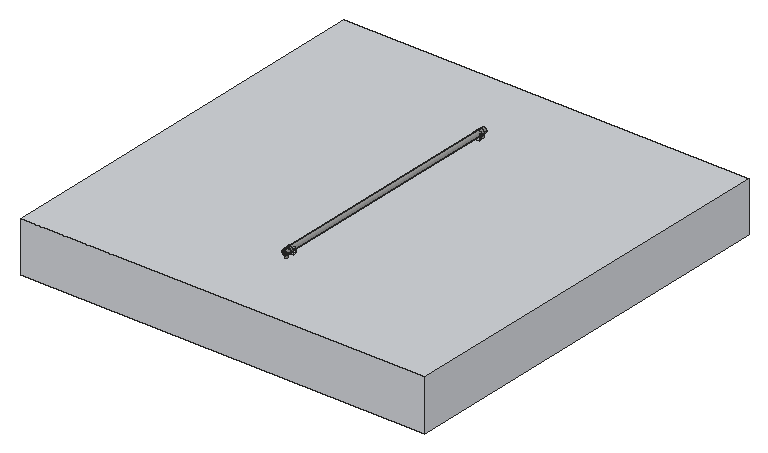
Revit family "L-line A 1.5", category Осветительные приборы, Revit 2017 (continued)
Types (6, lengths in mm): name | Wattage | built-in parameter 1150134 | Файл фотометрической сетки | built-in parameter 1150142 | built-in parameter 1150105 | Lumens | built-in parameter 1150107 | built-in parameter 1150106 | Артикул
  L-line A 1.5 3.0K Д (матовый) | 30.8802 W | (empty or 0) | "L-line A 1.5-43-D-3.0K-03.ies" | "IESNA:LM-63-1995\r\n[TEST]LEDEL\r\n[DATA]28.10.2017\r\n[MANUFAC]LEDEL\r\n[LUMCAT]L-line A 1.5/43/Д/3.0K/03\r\n[LUMINAIRE]Предназначен  для  архитектурной и декоративной  подсветки\r\n[LAMPCAT]LED\r\n[LAMP]OSRAM DURIS \r\nTILT=NONE\r\n\r\n\r\n1 4587  1.6577520780628  37 19 1 2 1.5 0.042 0.043\r\n\r\n1 1 43.2\r\n\r\n 0 2.5 5 7.5 10 12.5 15 17.5 20 22.5 25 27.5 30 32.5 35 37.5 40 42.5 45 47.5\r\n 50 52.5 55 57.5 60 62.5 65 67.5 70 72.5 75 77.5 80 82.5 85 87.5 90\r\n\r\n  0 10 20 30 40 50 60 70 80 90 100 110 120 130 140 150\r\n  160 170 180\r\n\r\n  819 818 817 812 806 800 789 778 765 751 734 717 699 679 658\r\n  637 616 591 568 544 521 496 469 446 421 396 372 347 324 300\r\n  277 257 234 216 195 177 160\r\n  819 819 817 812 810 803 795 787 775 765 754 740 726 711 696\r\n  679 663 643 626 607 586 567 548 529 511 491 469 446 422 400\r\n  378 355 337 317 299 281 263\r\n  808 806 806 803 797 792 784 776 765 755 742 729 714 700 683\r\n  667 649 630 611 591 570 551 528 509 487 468 447 425 403 384\r\n  362 343 321 303 283 264 248\r\n  800 800 797 795 789 784 774 764 755 743 729 715 700 681 665\r\n  647 629 609 586 566 547 526 507 484 466 444 422 402 381 360\r\n  338 319 299 280 263 244 229\r\n  811 811 809 804 799 793 783 773 762 748 734 719 702 685 666\r\n  644 625 602 582 560 536 515 492 466 445 421 400 378 354 333\r\n  312 292 271 251 232 215 198\r\n  819 818 817 812 806 800 789 778 765 751 734 717 699 679 658\r\n  637 616 591 568 544 521 496 469 446 421 396 372 347 324 300\r\n  277 257 234 216 195 177 160\r\n  820 819 818 812 806 800 789 778 764 748 732 714 693 674 652\r\n  629 606 578 556 528 502 477 450 422 395 368 340 313 288 263\r\n  238 214 192 172 151 135 118\r\n  822 821 820 815 809 800 789 777 762 747 729 710 690 667 645\r\n  621 595 567 540 514 485 459 429 402 371 344 313 283 255 226\r\n  200 175 151 128 108 91 76\r\n  825 821 820 815 809 800 788 775 761 745 727 706 685 663 639\r\n  614 588 561 533 504 471 438 410 378 348 317 288 255 224 193\r\n  163 133 107 84 64 46 35\r\n  820 821 818 814 806 797 786 774 759 743 723 705 685 659 636\r\n  610 584 557 527 500 469 441 412 381 351 319 287 253 217 185\r\n  152 120 90 63 39 22 14\r\n  825 822 819 812 805 796 785 771 754 737 720 700 679 655 630\r\n  606 578 552 525 496 469 438 410 379 347 316 285 252 222 189\r\n  159 129 103 80 60 42 31\r\n  822 821 817 811 806 796 786 773 756 739 722 701 682 659 635\r\n  611 586 559 533 504 477 448 419 390 360 330 300 271 241 216\r\n  188 162 138 118 99 83 66\r\n  820 819 815 810 803 795 784 771 756 740 723 707 688 665 642\r\n  619 597 572 545 518 493 466 438 411 383 355 329 301 274 250\r\n  225 203 181 161 141 126 109\r\n  819 818 814 810 803 795 786 773 759 746 731 714 694 674 655\r\n  633 611 587 563 540 515 488 463 437 412 386 362 338 313 289\r\n  267 247 225 206 187 169 152\r\n  811 811 806 802 795 788 779 770 756 743 729 713 696 677 658\r\n  638 617 595 573 550 528 504 480 458 433 411 387 364 343 320\r\n  299 279 258 240 222 203 186\r\n  800 800 800 795 787 780 773 765 756 741 723 708 693 677 658\r\n  641 619 599 579 558 536 515 493 472 452 429 408 386 367 345\r\n  324 306 288 267 249 231 215\r\n  808 807 805 803 797 789 783 774 764 753 739 727 712 697 680\r\n  660 642 623 604 584 562 541 521 499 477 455 435 413 393 373\r\n  353 332 313 292 274 257 240\r\n  819 819 817 812 810 803 795 786 774 763 753 739 726 708 693\r\n  675 658 641 620 601 583 562 540 519 499 477 454 435 413 390\r\n  370 349 329 311 294 274 256\r\n  819 818 814 810 803 795 786 773 759 746 731 714 694 674 655\r\n  633 611 587 563 540 515 488 463 437 412 386 362 338 313 289\r\n  267 247 225 206 187 169 152\r\n\r" | 365.02 (stored number, unit not read) | 4587 lm | 3000 (stored number, unit not read) | 3.6502 (stored number, unit not read) | "714104300833100"
  L-line A 1.5 4.0K Д (матовый) | 30.8802 W | 12 | "L-line A 1.5-43-D-4.0K-03.ies" | "IESNA:LM-63-1995\r\n[TEST]LEDEL\r\n[DATA]28.10.2017\r\n[MANUFAC]LEDEL\r\n[LUMCAT]L-line A 1.5/43/Д/4.0K/03\r\n[LUMINAIRE]Предназначен  для  архитектурной и декоративной  подсветки\r\n[LAMPCAT]LED\r\n[LAMP]OSRAM DURIS \r\nTILT=NONE\r\n\r\n\r\n1 4587  1.6577520780628  37 19 1 2 1.5 0.042 0.043\r\n\r\n1 1 43.2\r\n\r\n 0 2.5 5 7.5 10 12.5 15 17.5 20 22.5 25 27.5 30 32.5 35 37.5 40 42.5 45 47.5\r\n 50 52.5 55 57.5 60 62.5 65 67.5 70 72.5 75 77.5 80 82.5 85 87.5 90\r\n\r\n  0 10 20 30 40 50 60 70 80 90 100 110 120 130 140 150\r\n  160 170 180\r\n\r\n  819 818 817 812 806 800 789 778 765 751 734 717 699 679 658\r\n  637 616 591 568 544 521 496 469 446 421 396 372 347 324 300\r\n  277 257 234 216 195 177 160\r\n  819 819 817 812 810 803 795 787 775 765 754 740 726 711 696\r\n  679 663 643 626 607 586 567 548 529 511 491 469 446 422 400\r\n  378 355 337 317 299 281 263\r\n  808 806 806 803 797 792 784 776 765 755 742 729 714 700 683\r\n  667 649 630 611 591 570 551 528 509 487 468 447 425 403 384\r\n  362 343 321 303 283 264 248\r\n  800 800 797 795 789 784 774 764 755 743 729 715 700 681 665\r\n  647 629 609 586 566 547 526 507 484 466 444 422 402 381 360\r\n  338 319 299 280 263 244 229\r\n  811 811 809 804 799 793 783 773 762 748 734 719 702 685 666\r\n  644 625 602 582 560 536 515 492 466 445 421 400 378 354 333\r\n  312 292 271 251 232 215 198\r\n  819 818 817 812 806 800 789 778 765 751 734 717 699 679 658\r\n  637 616 591 568 544 521 496 469 446 421 396 372 347 324 300\r\n  277 257 234 216 195 177 160\r\n  820 819 818 812 806 800 789 778 764 748 732 714 693 674 652\r\n  629 606 578 556 528 502 477 450 422 395 368 340 313 288 263\r\n  238 214 192 172 151 135 118\r\n  822 821 820 815 809 800 789 777 762 747 729 710 690 667 645\r\n  621 595 567 540 514 485 459 429 402 371 344 313 283 255 226\r\n  200 175 151 128 108 91 76\r\n  825 821 820 815 809 800 788 775 761 745 727 706 685 663 639\r\n  614 588 561 533 504 471 438 410 378 348 317 288 255 224 193\r\n  163 133 107 84 64 46 35\r\n  820 821 818 814 806 797 786 774 759 743 723 705 685 659 636\r\n  610 584 557 527 500 469 441 412 381 351 319 287 253 217 185\r\n  152 120 90 63 39 22 14\r\n  825 822 819 812 805 796 785 771 754 737 720 700 679 655 630\r\n  606 578 552 525 496 469 438 410 379 347 316 285 252 222 189\r\n  159 129 103 80 60 42 31\r\n  822 821 817 811 806 796 786 773 756 739 722 701 682 659 635\r\n  611 586 559 533 504 477 448 419 390 360 330 300 271 241 216\r\n  188 162 138 118 99 83 66\r\n  820 819 815 810 803 795 784 771 756 740 723 707 688 665 642\r\n  619 597 572 545 518 493 466 438 411 383 355 329 301 274 250\r\n  225 203 181 161 141 126 109\r\n  819 818 814 810 803 795 786 773 759 746 731 714 694 674 655\r\n  633 611 587 563 540 515 488 463 437 412 386 362 338 313 289\r\n  267 247 225 206 187 169 152\r\n  811 811 806 802 795 788 779 770 756 743 729 713 696 677 658\r\n  638 617 595 573 550 528 504 480 458 433 411 387 364 343 320\r\n  299 279 258 240 222 203 186\r\n  800 800 800 795 787 780 773 765 756 741 723 708 693 677 658\r\n  641 619 599 579 558 536 515 493 472 452 429 408 386 367 345\r\n  324 306 288 267 249 231 215\r\n  808 807 805 803 797 789 783 774 764 753 739 727 712 697 680\r\n  660 642 623 604 584 562 541 521 499 477 455 435 413 393 373\r\n  353 332 313 292 274 257 240\r\n  819 819 817 812 810 803 795 786 774 763 753 739 726 708 693\r\n  675 658 641 620 601 583 562 540 519 499 477 454 435 413 390\r\n  370 349 329 311 294 274 256\r\n  819 818 814 810 803 795 786 773 759 746 731 714 694 674 655\r\n  633 611 587 563 540 515 488 463 437 412 386 362 338 313 289\r\n  267 247 225 206 187 169 152\r\n\r" | 365.02 (stored number, unit not read) | 4587 lm | 4000 (stored number, unit not read) | 3.6502 (stored number, unit not read) | "714104300843100"
  L-line A 1.5 5.0 Д (матовый) | 30.8802 W | 2 | "L-line A 1.5-43-D-5.0K-03.ies" | "IESNA:LM-63-1995\r\n[TEST]LEDEL\r\n[DATA]28.10.2017\r\n[MANUFAC]LEDEL\r\n[LUMCAT]L-line A 1.5/43/Д/5.0K/03\r\n[LUMINAIRE]Предназначен  для  архитектурной и декоративной  подсветки\r\n[LAMPCAT]LED\r\n[LAMP]OSRAM DURIS \r\nTILT=NONE\r\n\r\n\r\n1 4587  1.6577520780628  37 19 1 2 1.5 0.042 0.043\r\n\r\n1 1 43.2\r\n\r\n 0 2.5 5 7.5 10 12.5 15 17.5 20 22.5 25 27.5 30 32.5 35 37.5 40 42.5 45 47.5\r\n 50 52.5 55 57.5 60 62.5 65 67.5 70 72.5 75 77.5 80 82.5 85 87.5 90\r\n\r\n  0 10 20 30 40 50 60 70 80 90 100 110 120 130 140 150\r\n  160 170 180\r\n\r\n  819 818 817 812 806 800 789 778 765 751 734 717 699 679 658\r\n  637 616 591 568 544 521 496 469 446 421 396 372 347 324 300\r\n  277 257 234 216 195 177 160\r\n  819 819 817 812 810 803 795 787 775 765 754 740 726 711 696\r\n  679 663 643 626 607 586 567 548 529 511 491 469 446 422 400\r\n  378 355 337 317 299 281 263\r\n  808 806 806 803 797 792 784 776 765 755 742 729 714 700 683\r\n  667 649 630 611 591 570 551 528 509 487 468 447 425 403 384\r\n  362 343 321 303 283 264 248\r\n  800 800 797 795 789 784 774 764 755 743 729 715 700 681 665\r\n  647 629 609 586 566 547 526 507 484 466 444 422 402 381 360\r\n  338 319 299 280 263 244 229\r\n  811 811 809 804 799 793 783 773 762 748 734 719 702 685 666\r\n  644 625 602 582 560 536 515 492 466 445 421 400 378 354 333\r\n  312 292 271 251 232 215 198\r\n  819 818 817 812 806 800 789 778 765 751 734 717 699 679 658\r\n  637 616 591 568 544 521 496 469 446 421 396 372 347 324 300\r\n  277 257 234 216 195 177 160\r\n  820 819 818 812 806 800 789 778 764 748 732 714 693 674 652\r\n  629 606 578 556 528 502 477 450 422 395 368 340 313 288 263\r\n  238 214 192 172 151 135 118\r\n  822 821 820 815 809 800 789 777 762 747 729 710 690 667 645\r\n  621 595 567 540 514 485 459 429 402 371 344 313 283 255 226\r\n  200 175 151 128 108 91 76\r\n  825 821 820 815 809 800 788 775 761 745 727 706 685 663 639\r\n  614 588 561 533 504 471 438 410 378 348 317 288 255 224 193\r\n  163 133 107 84 64 46 35\r\n  820 821 818 814 806 797 786 774 759 743 723 705 685 659 636\r\n  610 584 557 527 500 469 441 412 381 351 319 287 253 217 185\r\n  152 120 90 63 39 22 14\r\n  825 822 819 812 805 796 785 771 754 737 720 700 679 655 630\r\n  606 578 552 525 496 469 438 410 379 347 316 285 252 222 189\r\n  159 129 103 80 60 42 31\r\n  822 821 817 811 806 796 786 773 756 739 722 701 682 659 635\r\n  611 586 559 533 504 477 448 419 390 360 330 300 271 241 216\r\n  188 162 138 118 99 83 66\r\n  820 819 815 810 803 795 784 771 756 740 723 707 688 665 642\r\n  619 597 572 545 518 493 466 438 411 383 355 329 301 274 250\r\n  225 203 181 161 141 126 109\r\n  819 818 814 810 803 795 786 773 759 746 731 714 694 674 655\r\n  633 611 587 563 540 515 488 463 437 412 386 362 338 313 289\r\n  267 247 225 206 187 169 152\r\n  811 811 806 802 795 788 779 770 756 743 729 713 696 677 658\r\n  638 617 595 573 550 528 504 480 458 433 411 387 364 343 320\r\n  299 279 258 240 222 203 186\r\n  800 800 800 795 787 780 773 765 756 741 723 708 693 677 658\r\n  641 619 599 579 558 536 515 493 472 452 429 408 386 367 345\r\n  324 306 288 267 249 231 215\r\n  808 807 805 803 797 789 783 774 764 753 739 727 712 697 680\r\n  660 642 623 604 584 562 541 521 499 477 455 435 413 393 373\r\n  353 332 313 292 274 257 240\r\n  819 819 817 812 810 803 795 786 774 763 753 739 726 708 693\r\n  675 658 641 620 601 583 562 540 519 499 477 454 435 413 390\r\n  370 349 329 311 294 274 256\r\n  819 818 814 810 803 795 786 773 759 746 731 714 694 674 655\r\n  633 611 587 563 540 515 488 463 437 412 386 362 338 313 289\r\n  267 247 225 206 187 169 152\r\n\r" | 365.02 (stored number, unit not read) | 4587 lm | 5000 (stored number, unit not read) | 3.6502 (stored number, unit not read) | "714104300853100"
